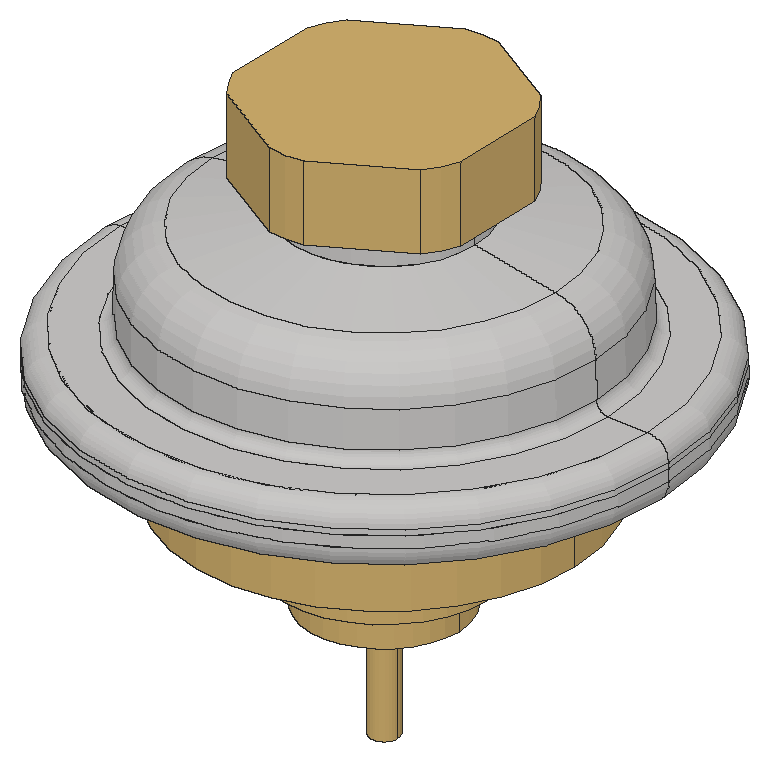
Revit family "AVQ(M)T Actuator_Return_PN25_RFA", category Pipe Accessories, Revit 2019
Family settings
  Round Connector Dimension = Use Diameter
  Part Type = Normal
  OmniClass Number = 23.65.55.14.17
  OmniClass Title = Adjusting/Controlling Valves for Liquid Services
  Work Plane-Based = No
  Always vertical = Yes
  Cut with Voids When Loaded = No
  Shared = No
Parameters (values of type "AVQ(M)T Actuator_Return_PN25_dP0.2 bar_003H6843")
  x [instance] = 0.5 mm
  URL = "https://store.danfoss.com/en/Climate-Solutions-for-heating/Pressure-and-Flow-Controllers/Accessories-for-pressure-and-flow-controllers/Actuators-and-adjustment-parts%2C-For-product-type%3A-AVQT%2C-AVQMT%2C-Mounting-version%3A-Return/p/003H6843"
  Nominal Pressure = "PN 25"  # constant formula
  Model Type = "AVQ(M)T Actuator_Return_PN25_dP0.2 bar"  # constant formula
  Model = "003H6843"  # constant formula
  Manufacturer = "Danfoss"  # constant formula
  LOD 350 [instance] = not(LOD 200)  # yes
  LOD 200 [instance] = no
  IfcExportType = "AVQ(M)T"  # constant formula
  IfcExportAs = "IfcValveType"  # constant formula
  Differential Pressure Setting = "0.2 bar"  # constant formula
  Description = "Spring Actuator"  # constant formula
  Body Material = Danfoss Stainless Steel
  Actuator size = 54.0 cm²  # constant formula
Reference planes
  plane 1 "Center (Front/Back)": y = 0
  plane 2: z = 0
  plane 3 "Center (Left/Right)": x = 0
  plane 4: z = -2.5
  plane 5: z = 30.2
  plane 6: z = -19
  plane 7: x = 135.797
  plane 8: z = -79.22
  plane 9: z = -35.009
  plane 10: through (0, 0, -35.009) normal (0.5, -0.5, -0.7071)
Forms (mm)
  Extrusion 1, solid, material "Danfoss Brass (DZR)", visible <- "LOD 350", detail levels fine
    sketch origin (0, 0, 0) x (1, 0, 0) y (0, 1, 0)
      loop
        line (21.288, 16.548) -> (3.613, 26.727)
        arc (3.613, 26.727) -> (-0.055, 27.069) -> (-3.723, 26.719) r 19.648
        line (-3.723, 26.719) -> (-21.376, 16.502)
        arc (-21.376, 16.502) -> (-23.472, 13.477) -> (-25.037, 10.145) r 22.11
        line (-25.037, 10.145) -> (-25.016, -10.251)
        arc (-25.016, -10.251) -> (-23.391, -13.549) -> (-21.341, -16.601) r 27.516
        line (-21.341, -16.601) -> (-3.666, -26.78)
        arc (-3.666, -26.78) -> (0.002, -27.069) -> (3.67, -26.772) r 23.157
        line (3.67, -26.772) -> (21.323, -16.556)
        arc (21.323, -16.556) -> (23.403, -13.521) -> (24.984, -10.198) r 23.5
        line (24.984, -10.198) -> (24.963, 10.198)
        arc (24.963, 10.198) -> (23.369, 13.514) -> (21.288, 16.548) r 24.007
    from -19 to -2.5
  Revolve 2, solid, material "Danfoss Brass (DZR)", visible <- "LOD 350", detail levels fine
    sketch origin (0, 0, 0) x (1, 0, 0) y (0, 0, 1)
      loop
        line (0, -62.2) -> (0, -128.2) -> (3, -128.2) -> (3, -102.4) -> (16.5, -102.4) -> (16.5, -94.2) -> (22.5, -94.2) -> (22.5, -86.2) -> (13.5, -86.2) -> (13.5, -80.7) -> (42, -80.7) -> (42, -69.343)
        arc (42, -69.343) -> (42.406, -67.977) -> (43.493, -67.055) r 2.5
        arc (43.493, -67.055) -> (48.397, -64.749) -> (53.179, -62.2) r 108
        line (53.179, -62.2) -> (0, -62.2)
      axis (0, -128.2) -> (0, -62.2)
    angle from 0 to 360
  Extrusion 3, solid, material "Danfoss Brass (DZR)", visible <- "LOD 200", detail levels fine
    sketch origin (0, 0, 0) x (1, 0, 0) y (0, 1, 0)
      loop
        circle (0, 0) r 27.023
    from -19 to -2.5
  Revolve 4, solid, material "Danfoss Stainless Steel" <- "Body Material", visible <- "LOD 200", detail levels fine
    sketch origin (0, 0, 0) x (1, 0, 0) y (0, 0, 1)
      loop
        line (0, -19) -> (0, -62.2) -> (58.01, -62.2) -> (58.878, -61.902)
        arc (58.878, -61.902) -> (61.568, -59.896) -> (62.592, -56.7) r 5.5
        line (62.592, -56.7) -> (62.592, -54.2) -> (62.546, -53.027)
        arc (62.546, -53.027) -> (62.2, -51.46) -> (61.325, -50.115) r 4.5
        line (61.325, -50.115) -> (43.286, -30.962)
        arc (43.286, -30.962) -> (40.762, -29.165) -> (37.825, -28.183) r 10.5
        line (37.825, -28.183) -> (20, -25.04) -> (20, -19) -> (0, -19)
      axis (0, -19) -> (0, -62.2)
    angle from 0 to 360
  Revolve 5, solid, material "Danfoss Brass (DZR)", visible <- "LOD 200", detail levels fine
    sketch origin (0, 0, 0) x (1, 0, 0) y (0, 0, 1)
      loop
        line (0, -128.2) -> (3, -128.2) -> (3, -102.4) -> (22.5, -102.4) -> (22.5, -80.7) -> (42, -80.7) -> (42, -67.699) -> (58.01, -62.2) -> (0, -62.2) -> (0, -128.2)
      axis (0, -62.2) -> (0, -128.2)
    angle from 0 to 360
  Revolve 6, solid, material "Danfoss Stainless Steel" <- "Body Material", visible <- "LOD 350", detail levels fine
    sketch origin (0, 0, 0) x (1, 0, 0) y (0, 0, 1)
      loop
        line (0, -19) -> (0, -62.2) -> (57.092, -62.2)
        arc (57.092, -62.2) -> (60.981, -60.589) -> (62.592, -56.7) r 5.5
        line (62.592, -56.7) -> (62.592, -54.2) -> (62.546, -53.027)
        arc (62.546, -53.027) -> (61.17, -49.957) -> (58.05, -48.7) r 4.5
        line (58.05, -48.7) -> (49.137, -48.7)
        arc (49.137, -48.7) -> (47.385, -47.983) -> (46.638, -46.244) r 2.5
        line (46.638, -46.244) -> (46.5, -38.34)
        arc (46.5, -38.34) -> (43.985, -31.704) -> (37.825, -28.183) r 10.5
        line (37.825, -28.183) -> (20, -25.04) -> (20, -19) -> (0, -19)
      axis (0, -62.2) -> (0, -19)
    angle from 0 to 360
Lines and regions (mm)
  reference lines
    curve 1: line (0, 0, 0) -> (-67.175, 67.175, 0)
Dimensions and locks
  locked: plane 5 to level at 30.2
  level to plane 6 = 19 mm
  aligned and locked: level to plane 2
  aligned and locked: plane 4 to Extrusion 1
  aligned and locked: Extrusion 1 to plane 6
  aligned and locked: Extrusion 3 to plane 6
  aligned and locked: plane 4 to Extrusion 3
Nested families
  nested 1: "Cmp" at (-38.792, 38.792, -62.816) x (0.5, -0.5, 0.7071) z (-0.7071, -0.7071, 0), visible <- "LOD 350", type "Cmp"
    with L 10 mm
Definition of nested family "Cmp"
  Parameters (values of type "Cmp")
    L [instance] = 10 mm
    Default Elevation = 1219.2 mm
  Reference planes
    plane 1 "Center (Front/Back)": y = 0
    plane 2: z = 0
    plane 3 "Center (Left/Right)": x = 0
    plane 4: x = 10
    plane 5: x = -9
  Forms (mm)
    Extrusion 1, solid, detail levels fine
      sketch origin (0, 0, 0) x (0, 1, 0) y (0, 0, 1)
        loop
          line (0, -9) -> (0, 9) -> (-9, 9)
          arc (-9, 9) -> (-18, 0) -> (-9, -9) r 9
          line (-9, -9) -> (0, -9)
      from 0 to 10
    Extrusion 2, solid, detail levels fine
      sketch origin (0, 0, 0) x (0, 1, 0) y (0, 0, 1)
        loop
          circle (-9, 0) r 4.5
      from 0 to -4
    Extrusion 3, solid, detail levels fine
      sketch origin (0, 0, 0) x (0, 1, 0) y (0, 0, 1)
        loop
          line (-15.996, 0) -> (-12.498, -6.059) -> (-5.502, -6.059) -> (-2.004, 0) -> (-5.502, 6.059) -> (-12.498, 6.059) -> (-15.996, 0)
      from -4 to -9
  Dimensions and locks
    "L": plane 4 to plane 3 "Center (Left/Right)"
    aligned and locked: level to plane 2
    aligned and locked: plane 4 to Extrusion 1
    aligned and locked: Extrusion 3 to plane 5
  Automatic sketch dimensions
    plane 1 "Center (Front/Back)" to Extrusion 2 sketch curve = 9 mm
    Extrusion 2 sketch curve to level = 0 mm
    Extrusion 1 sketch curve to level = 0 mm
    Extrusion 1 sketch curve to plane 1 "Center (Front/Back)" = 0 mm
    plane 1 "Center (Front/Back)" to Extrusion 1 sketch curve = 9 mm
    Extrusion 1 sketch curve to level = 9 mm
    radius of Extrusion 2 sketch curve = 4.5 mm
